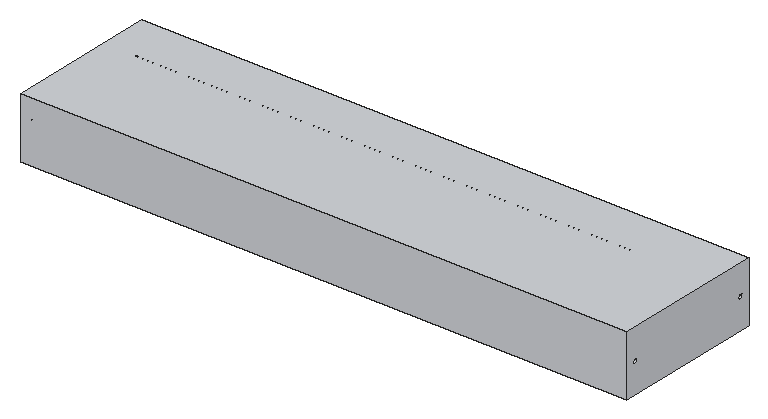
Revit family "BIMSF-Foam", category Structural Framing, Revit 2024
Family settings
  Section Shape = C Profile
  Material for Model Behavior = Other
  Always export as geometry = No
  OmniClass Number = 23.25.30.11.14.14
  OmniClass Title = Beams
  Always vertical = Yes
  Cut with Voids When Loaded = No
  Symbolic Representation = From Family
  Shared = No
  Show family pre-cut in plan views = Yes
Parameters (values of type "Default")
  d [instance] = 1' - 0"
  bf [instance] = 2' - 6"
  Reported Length [instance] = Length  # 10' - 0"
  PlaceChaseHoleR [instance] = yes
  PlaceChaseHoleL [instance] = yes
  Length [instance] = 10' - 0"
  ChaseHoleRadius = 0' - 1"
  ChaseHoleROffset [instance] = 0' - 2"
  ChaseHoleRLength [instance] = if(PlaceChaseHoleL, Length, -Length)  # 10' - 0"
  ChaseHoleLOffset [instance] = 0' - 2.00787"
  ChaseHoleLLength [instance] = if(PlaceChaseHoleL, Length, -Length)  # 10' - 0"
Reference planes (in)
  plane 1 "Center (Front/Back)": y = 0
  plane 2 "Center El.": z = 0
  plane 3 "Center (Left/Right)": x = 0
  plane 4 "Left": x = -60
  plane 5 "Member Left": x = -48
  plane 6 "Stick Symbol Left": x = -36
  plane 7 "Right": x = 60
  plane 8 "Member Right": x = 48
  plane 9 "Stick Symbol Right": x = 36
  plane 10: y = 15
  plane 11: y = -15
  plane 12: z = 6
  plane 13: z = -6
  plane 14: y = 12.99213
  plane 15: y = -13
Forms (in)
  Sweep 1, solid
    path origin (0, 0, 0) x (1, 0, 0) y (0, 1, 0)
      loop
        line (-60, 0) -> (60, 0)
    profile origin (0, 0, 0) x (0, 1, 0) y (0, 0, 1)
      loop
        line (15, 6) -> (-15, 6) -> (-15, -6) -> (15, -6) -> (15, 6)
  Sweep 2, void
    path origin (0, 0, 0) x (1, 0, 0) y (0, 1, 0)
      loop
        line (-73, 12.99213) -> (73, 12.99213)
    profile origin (0, 12.99213, 0) x (0, 1, 0) y (0, 0, 1)
      loop
        circle (0, 0) r 0.5
  Sweep 3, void
    path origin (0, 0, 0) x (1, 0, 0) y (0, 1, 0)
      loop
        line (-73, -13) -> (73, -13)
    profile origin (0, -13, 0) x (0, 1, 0) y (0, 0, 1)
      loop
        circle (0, 0) r 0.5
Cuts and joins
  Sweep 2, Sweep 3 cuts Sweep 1
Lines and regions (in)
  model lines, style "Stick Symbols", detail levels coarse
    curve 1: line (-60, 0, 0) -> (60, 0, 0)
Dimensions and locks (in)
  equal spacing: plane 4 "Left", plane 3 "Center (Left/Right)", plane 7 "Right"
  "Length": plane 4 "Left" to plane 7 "Right"
  equal spacing: plane 10, plane 1 "Center (Front/Back)", plane 11
  "bf": plane 10 to plane 11
  equal spacing: plane 12, level, plane 13
  "d": plane 12 to plane 13
  "ChaseHoleLOffset": plane 10 to plane 14
  "ChaseHoleROffset": plane 15 to plane 11
  "ChaseHoleRadius": diameter of Sweep 2 sketch curve
  "ChaseHoleRadius": diameter of Sweep 3 sketch curve
  aligned and locked: curve 1 to plane 1 "Center (Front/Back)"
  aligned and locked: level to plane 2 "Center El."
  aligned and locked: plane 4 "Left" to Sweep 1 sketch curve
  aligned and locked: plane 7 "Right" to Sweep 1 sketch curve
  aligned and locked: plane 10 to Sweep 1
  aligned and locked: plane 11 to Sweep 1
  aligned and locked: plane 12 to Sweep 1
  aligned and locked: plane 13 to Sweep 1
  aligned and locked: Sweep 1 to curve 1  (x2)
Automatic sketch dimensions
  plane 1 "Center (Front/Back)" to Sweep 1 sketch curve = 0' - 0"
  level to Sweep 1 sketch curve = 0' - 6"
  profile plane to Sweep 1 sketch curve = 1' - 3"
  Sweep 1 sketch curve to level = 0' - 6"
  Sweep 1 sketch curve to profile plane = 1' - 3"
  plane 14 to Sweep 2 sketch curve = 0' - 0"
  plane 4 "Left" to Sweep 2 sketch curve = 1' - 1"
  Sweep 2 sketch curve to plane 7 "Right" = 1' - 1"
  Sweep 3 sketch curve to plane 15 = 0' - 0"
  plane 4 "Left" to Sweep 3 sketch curve = 1' - 1"
  Sweep 3 sketch curve to plane 7 "Right" = 1' - 1"
  Sweep 2 sketch curve to level = 0' - 0"
  Sweep 2 sketch curve to profile plane = 0' - 0"
  Sweep 3 sketch curve to level = 0' - 0"
  Sweep 3 sketch curve to profile plane = 0' - 0"
